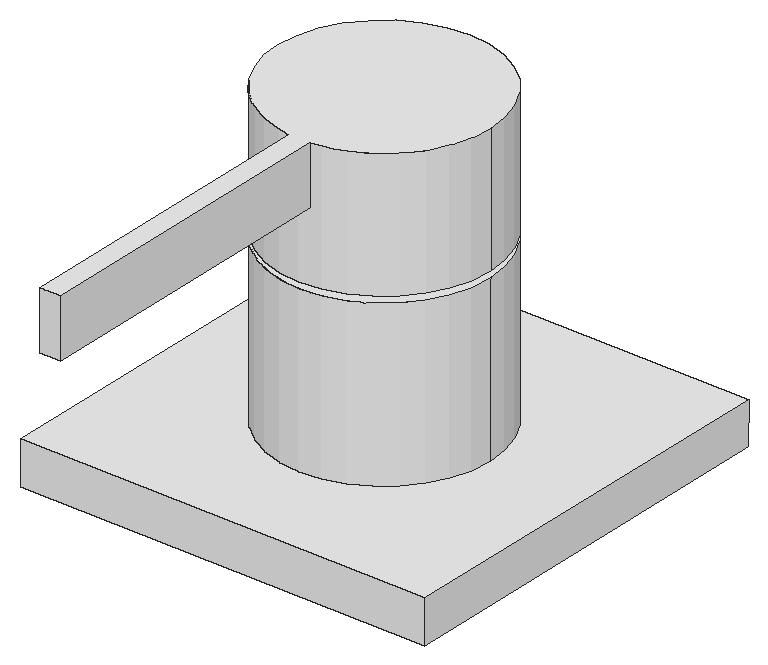
Revit family "KEUCO_59551019502", category Allgemeines Modell, Revit 2016
Family settings
  Teiletyp = Normal
  Kann Basisbauteil für Bewehrung sein = Nein
  Bemaßung runder Anschluss = Durchmesser verwenden
  Arbeitsebenenbasiert = Ja
  Immer vertikal = Nein
  Beim Laden mit Abzugskörper schneiden = Nein
  Gemeinsam genutzt = Nein
  Raumberechnungspunkt = Nein
Parameters (values of type "59551019502")
  Verwendung = "DU / WA"  # constant formula
  Preisgruppe = ""
  Kategorie = ""
  Gewicht = 0
  Breite = 45 mm
  URL = "https://www.keuco.com/de/produkte/sortiment/artikel/?pid=59551&oid=2&pgo=2&country=de&lang=de&vid=59551019502"
  Materialien bei Hersteller anfragen = "Anfrage zu:  objektmanagement@keuco.de"
  Beschreibung = "Mischwasserkartusche mit keramischen Dichtscheiben\r\nund Temperaturbegrenzung\r\nFertigset bestehend aus:\r\nHebel, Hülse, Rosette (eckig) und Funktionseinheit,\r\npassend für UP Funktionseinheit Art.-Nr. 59551 000070"
  Default Elevation = 1219.2 mm
  Serie = "Plan"  # constant formula
  Material = Stahl, verchromt
  Hersteller = "KEUCO"  # constant formula
  Assembly Code = ""
  Ausschreibungstext = "KEUCO IXMO Einhebelmischer UP DN15, 59551019502\r\nhochglanzverchromter Einhebelmischer \r\nfür Dusche und Wanne aus entzinkungsarmen Messing, \r\nmit eckiger Rosette, frei positionierbar,\r\nintegrierter Einbautiefenausgleich von 80 - 110 mm, \r\nGehäuse schallentkoppelt,\r\nhochwertige Mischwasserkartusche \r\nmit keramischen Dichtscheiben und Temperaturbegrenzung,\r\nFertigset bestehend aus: \r\nHebel, Hülse, Rosette (eckig) und Funktionseinheit,\r\nGesamthöhe mit Griff 130 mm, Rosette 90 x 90 mm, \r\nStärke 10 mm, Gesamtausladung 80 mm,\r\npassend für UP Funktionseinheit Art.–Nr. 59551000070"
  Artikelnummer = "59551019502"
Types (2, lengths in mm): name | URL | Beschreibung
  (no name) | "https://www.keuco.com" | "--"
  59551019502 | "https://www.keuco.com/de/produkte/sortiment/artikel/?pid=59551&oid=2&pgo=2&country=de&lang=de&vid=59551019502" | "Mischwasserkartusche mit keramischen Dichtscheiben\r\nund Temperaturbegrenzung\r\nFertigset bestehend aus:\r\nHebel, Hülse, Rosette (eckig) und Funktionseinheit,\r\npassend für UP Funktionseinheit Art.-Nr. 59551 000070"
Values of the unnamed type that differ from the named types
  Materialien bei Hersteller anfragen = "Request to:  objektmanagement@keuco.de"
  Ausschreibungstext = ""
Reference planes
  plane 1 "Center (Front/Back)": y = 0
  plane 2: z = 0
  plane 3 "Center (Left/Right)": x = 0
  plane 4: z = 80
Forms (mm)
  Extrusion 1, solid, material "Stahl, verchromt" <- "Material"
    sketch origin (0, 16.5, 20) x (0, 1, 0) y (-1, 0, 0)
      loop
        line (31, 47.5) -> (-64, 47.5) -> (-64, -47.5) -> (31, -47.5) -> (31, 47.5)
    from -20 to -10
  Extrusion 2, solid, material "Stahl, verchromt" <- "Material"
    sketch origin (0, 16.5, 20) x (0, 1, 0) y (-1, 0, 0)
      loop
        circle (-16.5, 0) r 25
    from -10 to 28.524
  Extrusion 3, solid, material "Stahl, verchromt" <- "Material"
    sketch origin (0, 16.5, 60) x (1, 0, 0) y (0, 1, 0)
      loop
        circle (0, -16.5) r 25
    from -10 to 20
  Extrusion 4, solid, material "Stahl, verchromt" <- "Material"
    sketch origin (0, 16.5, 20) x (0, 1, 0) y (-1, 0, 0)
      loop
        line (-39.628, 2.5) -> (-114.628, 2.5) -> (-114.628, -2.5) -> (-39.628, -2.5) -> (-39.628, 2.5)
    from 46.32 to 60
Cuts and joins
  joined: Extrusion 3, Extrusion 4
Dimensions and locks
  plane 4 to plane 2 = 80 mm
  Extrusion 3 to Extrusion 3 = 30 mm
  aligned and locked: level to plane 2
